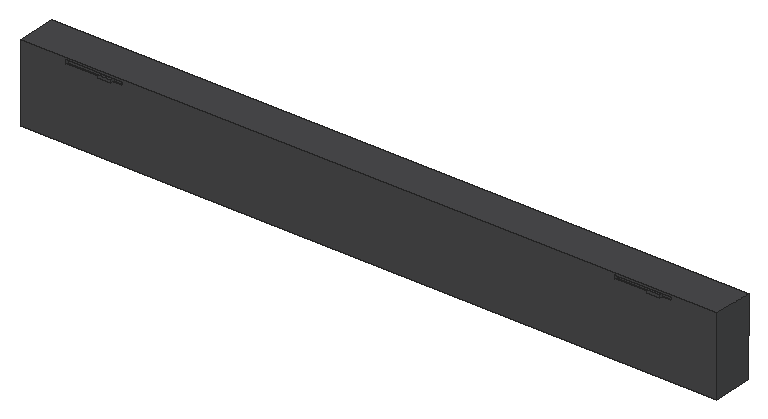
Revit family "STRIPE BLOCK CEILLING 646_DTSM30U6.2", category Luminarias, Revit 2019
Family settings
  Cota de conector redondo = Diámetro de uso
  Tipo de pieza = Normal
  Se basa en plano de trabajo = Sí
  Siempre vertical = Sí
  Corte con vacíos al cargar = No
  Origen de luz = Sí
  Compartido = No
  Punto de cálculo de habitación = No
Parameters (values of type "DOT BLOCK CEILLING 646_DTSM30U6.2")
  Ángulo de inclinación = 60.00°
  Ángulo de enfoque = 90.00°
  Ángulo de campo de foco = 90.00°
  Zone [instance] = ""
  Watt per fixture = 30
  Wattage = 30 W
  built-in parameter 1150107 = 2700 (stored number, unit not read)
  built-in parameter 1150110 = 1 (stored number, unit not read)
  built-in parameter 1150109 = 1 (stored number, unit not read)
  built-in parameter 1150112 = 1 (stored number, unit not read)
  built-in parameter 1150113 = 1 (stored number, unit not read)
  built-in parameter 1114218 = 1 (stored number, unit not read)
  Keynote = ""
  built-in parameter 1150137 = (empty or 0)
  built-in parameter 1150132 = (empty or 0)
  Modelo = "DTSM30U6.2"
  Lámpara = "2835SMD SAMSUNG"
  Light Source Symbol Length = 3048 mm
  built-in parameter 1150105 = 8225.2 (stored number, unit not read)
  built-in parameter 1150102 = (empty or 0)
  built-in parameter 1150106 = 82.252 (stored number, unit not read)
  Lumens = 2460 lm
  Color Filter = 16777215
  built-in parameter 1114217 = 1 (stored number, unit not read)
  built-in parameter 1150139 = (empty or 0)
  Fabricante = "BRILLANT"
  Default Elevation = 1219.2 mm
  built-in parameter 1150104 = 7.618 (stored number, unit not read)
  Descripción = "LUMINARIA DOWNLIGHT EN FORMATO RECTANGULAR PARA SOBREPONER DIRECTO EN TECHO, CUERPO DE ALUMINIO ACABADO EN COLOR NEGRO, IP 20, PESO 1.32Kg, TIPO DE LED 2835SMD SAMSUNG CON 30W TOTAL, 2200 LUMENES, 82LM/W, IRC 90, TEMPERATURA EN BLANCO CALIDO 2700K, 50 MIL HORAS DE VIDA PROMEDIO, APERTURA DE 90 GRADOS POR STOCK, ALIMENTADO A 90-240V"
  built-in parameter 1150115 = 1 (stored number, unit not read)
  built-in parameter 1150114 = 1 (stored number, unit not read)
  Comentarios de vataje = "90-240V"
  built-in parameter 1150138 = (empty or 0)
  built-in parameter 1150134 = (empty or 0)
  Circuit [instance] = ""
  Dimming Lamp Color Temperature Shift = (empty or 0)
  Longitud de símbolo de origen de luz = 3048 mm
Reference planes
  plane 1 "Centro (Frontal/Posterior)": y = 0
  plane 2: z = 0
  plane 3 "Centro (Izquierda/Derecha)": x = 0
Forms (mm)
  Extrusion 1, solid, material "Default Form", not visible
    sketch origin (0, 0, 0) x (1, 0, 0) y (0, 0, 1)
      loop
        line (-473, 0) -> (-473, -72) -> (473, -72) -> (473, 0) -> (-473, 0)
    from -18.326 to 18.326
  Blend 2, void, not visible
    base sketch origin (-293.63, 0, 0) x (1, 0, 0) y (0, 1, 0)
      loop
        line (-162, 16.149) -> (-162, -16.149) -> (-144.14, -16.149) -> (-144.14, 16.149) -> (-162, 16.149)
    top sketch origin (-293.63, 0, 0) x (1, 0, 0) y (0, 1, 0)
      loop
        line (-160, 12.149) -> (-160, -12.149) -> (-146.14, -12.149) -> (-146.14, 12.149) -> (-160, 12.149)
    from -72 to -61.591
  Blend 3, void, not visible
    base sketch origin (-267.33, 0, 0) x (1, 0, 0) y (0, 1, 0)
      loop
        line (-162, 16.149) -> (-162, -16.149) -> (-144.14, -16.149) -> (-144.14, 16.149) -> (-162, 16.149)
    top sketch origin (-267.33, 0, 0) x (1, 0, 0) y (0, 1, 0)
      loop
        line (-160, 12.149) -> (-160, -12.149) -> (-146.14, -12.149) -> (-146.14, 12.149) -> (-160, 12.149)
    from -72 to -61.591
  Blend 4, void, not visible
    base sketch origin (-241.03, 0, 0) x (1, 0, 0) y (0, 1, 0)
      loop
        line (-162, 16.149) -> (-162, -16.149) -> (-144.14, -16.149) -> (-144.14, 16.149) -> (-162, 16.149)
    top sketch origin (-241.03, 0, 0) x (1, 0, 0) y (0, 1, 0)
      loop
        line (-160, 12.149) -> (-160, -12.149) -> (-146.14, -12.149) -> (-146.14, 12.149) -> (-160, 12.149)
    from -72 to -61.591
  Blend 5, void, not visible
    base sketch origin (-214.73, 0, 0) x (1, 0, 0) y (0, 1, 0)
      loop
        line (-162, 16.149) -> (-162, -16.149) -> (-144.14, -16.149) -> (-144.14, 16.149) -> (-162, 16.149)
    top sketch origin (-214.73, 0, 0) x (1, 0, 0) y (0, 1, 0)
      loop
        line (-160, 12.149) -> (-160, -12.149) -> (-146.14, -12.149) -> (-146.14, 12.149) -> (-160, 12.149)
    from -72 to -61.591
  Blend 6, void, not visible
    base sketch origin (-188.43, 0, 0) x (1, 0, 0) y (0, 1, 0)
      loop
        line (-162, 16.149) -> (-162, -16.149) -> (-144.14, -16.149) -> (-144.14, 16.149) -> (-162, 16.149)
    top sketch origin (-188.43, 0, 0) x (1, 0, 0) y (0, 1, 0)
      loop
        line (-160, 12.149) -> (-160, -12.149) -> (-146.14, -12.149) -> (-146.14, 12.149) -> (-160, 12.149)
    from -72 to -61.591
  Blend 7, void, not visible
    base sketch origin (-162.13, 0, 0) x (1, 0, 0) y (0, 1, 0)
      loop
        line (-162, 16.149) -> (-162, -16.149) -> (-144.14, -16.149) -> (-144.14, 16.149) -> (-162, 16.149)
    top sketch origin (-162.13, 0, 0) x (1, 0, 0) y (0, 1, 0)
      loop
        line (-160, 12.149) -> (-160, -12.149) -> (-146.14, -12.149) -> (-146.14, 12.149) -> (-160, 12.149)
    from -72 to -61.591
  Blend 8, void, not visible
    base sketch origin (-135.83, 0, 0) x (1, 0, 0) y (0, 1, 0)
      loop
        line (-162, 16.149) -> (-162, -16.149) -> (-144.14, -16.149) -> (-144.14, 16.149) -> (-162, 16.149)
    top sketch origin (-135.83, 0, 0) x (1, 0, 0) y (0, 1, 0)
      loop
        line (-160, 12.149) -> (-160, -12.149) -> (-146.14, -12.149) -> (-146.14, 12.149) -> (-160, 12.149)
    from -72 to -61.591
  Blend 9, void, not visible
    base sketch origin (-109.53, 0, 0) x (1, 0, 0) y (0, 1, 0)
      loop
        line (-162, 16.149) -> (-162, -16.149) -> (-144.14, -16.149) -> (-144.14, 16.149) -> (-162, 16.149)
    top sketch origin (-109.53, 0, 0) x (1, 0, 0) y (0, 1, 0)
      loop
        line (-160, 12.149) -> (-160, -12.149) -> (-146.14, -12.149) -> (-146.14, 12.149) -> (-160, 12.149)
    from -72 to -61.591
  Blend 10, void, not visible
    base sketch origin (-83.23, 0, 0) x (1, 0, 0) y (0, 1, 0)
      loop
        line (-162, 16.149) -> (-162, -16.149) -> (-144.14, -16.149) -> (-144.14, 16.149) -> (-162, 16.149)
    top sketch origin (-83.23, 0, 0) x (1, 0, 0) y (0, 1, 0)
      loop
        line (-160, 12.149) -> (-160, -12.149) -> (-146.14, -12.149) -> (-146.14, 12.149) -> (-160, 12.149)
    from -72 to -61.591
  Blend 11, void, not visible
    base sketch origin (-56.93, 0, 0) x (1, 0, 0) y (0, 1, 0)
      loop
        line (-162, 16.149) -> (-162, -16.149) -> (-144.14, -16.149) -> (-144.14, 16.149) -> (-162, 16.149)
    top sketch origin (-56.93, 0, 0) x (1, 0, 0) y (0, 1, 0)
      loop
        line (-160, 12.149) -> (-160, -12.149) -> (-146.14, -12.149) -> (-146.14, 12.149) -> (-160, 12.149)
    from -72 to -61.591
  Blend 12, void, not visible
    base sketch origin (-30.63, 0, 0) x (1, 0, 0) y (0, 1, 0)
      loop
        line (-162, 16.149) -> (-162, -16.149) -> (-144.14, -16.149) -> (-144.14, 16.149) -> (-162, 16.149)
    top sketch origin (-30.63, 0, 0) x (1, 0, 0) y (0, 1, 0)
      loop
        line (-160, 12.149) -> (-160, -12.149) -> (-146.14, -12.149) -> (-146.14, 12.149) -> (-160, 12.149)
    from -72 to -61.591
  Blend 13, void, not visible
    base sketch origin (-4.33, 0, 0) x (1, 0, 0) y (0, 1, 0)
      loop
        line (-162, 16.149) -> (-162, -16.149) -> (-144.14, -16.149) -> (-144.14, 16.149) -> (-162, 16.149)
    top sketch origin (-4.33, 0, 0) x (1, 0, 0) y (0, 1, 0)
      loop
        line (-160, 12.149) -> (-160, -12.149) -> (-146.14, -12.149) -> (-146.14, 12.149) -> (-160, 12.149)
    from -72 to -61.591
  Blend 14, void, not visible
    base sketch origin (21.97, 0, 0) x (1, 0, 0) y (0, 1, 0)
      loop
        line (-162, 16.149) -> (-162, -16.149) -> (-144.14, -16.149) -> (-144.14, 16.149) -> (-162, 16.149)
    top sketch origin (21.97, 0, 0) x (1, 0, 0) y (0, 1, 0)
      loop
        line (-160, 12.149) -> (-160, -12.149) -> (-146.14, -12.149) -> (-146.14, 12.149) -> (-160, 12.149)
    from -72 to -61.591
  Blend 15, void, not visible
    base sketch origin (48.27, 0, 0) x (1, 0, 0) y (0, 1, 0)
      loop
        line (-162, 16.149) -> (-162, -16.149) -> (-144.14, -16.149) -> (-144.14, 16.149) -> (-162, 16.149)
    top sketch origin (48.27, 0, 0) x (1, 0, 0) y (0, 1, 0)
      loop
        line (-160, 12.149) -> (-160, -12.149) -> (-146.14, -12.149) -> (-146.14, 12.149) -> (-160, 12.149)
    from -72 to -61.591
  Blend 16, void, not visible
    base sketch origin (74.57, 0, 0) x (1, 0, 0) y (0, 1, 0)
      loop
        line (-162, 16.149) -> (-162, -16.149) -> (-144.14, -16.149) -> (-144.14, 16.149) -> (-162, 16.149)
    top sketch origin (74.57, 0, 0) x (1, 0, 0) y (0, 1, 0)
      loop
        line (-160, 12.149) -> (-160, -12.149) -> (-146.14, -12.149) -> (-146.14, 12.149) -> (-160, 12.149)
    from -72 to -61.591
  Blend 17, void, not visible
    base sketch origin (100.87, 0, 0) x (1, 0, 0) y (0, 1, 0)
      loop
        line (-162, 16.149) -> (-162, -16.149) -> (-144.14, -16.149) -> (-144.14, 16.149) -> (-162, 16.149)
    top sketch origin (100.87, 0, 0) x (1, 0, 0) y (0, 1, 0)
      loop
        line (-160, 12.149) -> (-160, -12.149) -> (-146.14, -12.149) -> (-146.14, 12.149) -> (-160, 12.149)
    from -72 to -61.591
  Blend 18, void, not visible
    base sketch origin (127.17, 0, 0) x (1, 0, 0) y (0, 1, 0)
      loop
        line (-162, 16.149) -> (-162, -16.149) -> (-144.14, -16.149) -> (-144.14, 16.149) -> (-162, 16.149)
    top sketch origin (127.17, 0, 0) x (1, 0, 0) y (0, 1, 0)
      loop
        line (-160, 12.149) -> (-160, -12.149) -> (-146.14, -12.149) -> (-146.14, 12.149) -> (-160, 12.149)
    from -72 to -61.591
  Blend 19, void, not visible
    base sketch origin (153.47, 0, 0) x (1, 0, 0) y (0, 1, 0)
      loop
        line (-162, 16.149) -> (-162, -16.149) -> (-144.14, -16.149) -> (-144.14, 16.149) -> (-162, 16.149)
    top sketch origin (153.47, 0, 0) x (1, 0, 0) y (0, 1, 0)
      loop
        line (-160, 12.149) -> (-160, -12.149) -> (-146.14, -12.149) -> (-146.14, 12.149) -> (-160, 12.149)
    from -72 to -61.591
  Blend 20, void, not visible
    base sketch origin (179.77, 0, 0) x (1, 0, 0) y (0, 1, 0)
      loop
        line (-162, 16.149) -> (-162, -16.149) -> (-144.14, -16.149) -> (-144.14, 16.149) -> (-162, 16.149)
    top sketch origin (179.77, 0, 0) x (1, 0, 0) y (0, 1, 0)
      loop
        line (-160, 12.149) -> (-160, -12.149) -> (-146.14, -12.149) -> (-146.14, 12.149) -> (-160, 12.149)
    from -72 to -61.591
  Blend 21, void, not visible
    base sketch origin (206.07, 0, 0) x (1, 0, 0) y (0, 1, 0)
      loop
        line (-162, 16.149) -> (-162, -16.149) -> (-144.14, -16.149) -> (-144.14, 16.149) -> (-162, 16.149)
    top sketch origin (206.07, 0, 0) x (1, 0, 0) y (0, 1, 0)
      loop
        line (-160, 12.149) -> (-160, -12.149) -> (-146.14, -12.149) -> (-146.14, 12.149) -> (-160, 12.149)
    from -72 to -61.591
  Blend 22, void, not visible
    base sketch origin (232.37, 0, 0) x (1, 0, 0) y (0, 1, 0)
      loop
        line (-162, 16.149) -> (-162, -16.149) -> (-144.14, -16.149) -> (-144.14, 16.149) -> (-162, 16.149)
    top sketch origin (232.37, 0, 0) x (1, 0, 0) y (0, 1, 0)
      loop
        line (-160, 12.149) -> (-160, -12.149) -> (-146.14, -12.149) -> (-146.14, 12.149) -> (-160, 12.149)
    from -72 to -61.591
  Blend 23, void, not visible
    base sketch origin (258.67, 0, 0) x (1, 0, 0) y (0, 1, 0)
      loop
        line (-162, 16.149) -> (-162, -16.149) -> (-144.14, -16.149) -> (-144.14, 16.149) -> (-162, 16.149)
    top sketch origin (258.67, 0, 0) x (1, 0, 0) y (0, 1, 0)
      loop
        line (-160, 12.149) -> (-160, -12.149) -> (-146.14, -12.149) -> (-146.14, 12.149) -> (-160, 12.149)
    from -72 to -61.591
  Blend 24, void, not visible
    base sketch origin (284.97, 0, 0) x (1, 0, 0) y (0, 1, 0)
      loop
        line (-162, 16.149) -> (-162, -16.149) -> (-144.14, -16.149) -> (-144.14, 16.149) -> (-162, 16.149)
    top sketch origin (284.97, 0, 0) x (1, 0, 0) y (0, 1, 0)
      loop
        line (-160, 12.149) -> (-160, -12.149) -> (-146.14, -12.149) -> (-146.14, 12.149) -> (-160, 12.149)
    from -72 to -61.591
  Blend 25, void, not visible
    base sketch origin (311.27, 0, 0) x (1, 0, 0) y (0, 1, 0)
      loop
        line (-162, 16.149) -> (-162, -16.149) -> (-144.14, -16.149) -> (-144.14, 16.149) -> (-162, 16.149)
    top sketch origin (311.27, 0, 0) x (1, 0, 0) y (0, 1, 0)
      loop
        line (-160, 12.149) -> (-160, -12.149) -> (-146.14, -12.149) -> (-146.14, 12.149) -> (-160, 12.149)
    from -72 to -61.591
  Blend 26, void, not visible
    base sketch origin (337.57, 0, 0) x (1, 0, 0) y (0, 1, 0)
      loop
        line (-162, 16.149) -> (-162, -16.149) -> (-144.14, -16.149) -> (-144.14, 16.149) -> (-162, 16.149)
    top sketch origin (337.57, 0, 0) x (1, 0, 0) y (0, 1, 0)
      loop
        line (-160, 12.149) -> (-160, -12.149) -> (-146.14, -12.149) -> (-146.14, 12.149) -> (-160, 12.149)
    from -72 to -61.591
  Blend 27, void, not visible
    base sketch origin (363.87, 0, 0) x (1, 0, 0) y (0, 1, 0)
      loop
        line (-162, 16.149) -> (-162, -16.149) -> (-144.14, -16.149) -> (-144.14, 16.149) -> (-162, 16.149)
    top sketch origin (363.87, 0, 0) x (1, 0, 0) y (0, 1, 0)
      loop
        line (-160, 12.149) -> (-160, -12.149) -> (-146.14, -12.149) -> (-146.14, 12.149) -> (-160, 12.149)
    from -72 to -61.591
  Blend 28, void, not visible
    base sketch origin (390.17, 0, 0) x (1, 0, 0) y (0, 1, 0)
      loop
        line (-162, 16.149) -> (-162, -16.149) -> (-144.14, -16.149) -> (-144.14, 16.149) -> (-162, 16.149)
    top sketch origin (390.17, 0, 0) x (1, 0, 0) y (0, 1, 0)
      loop
        line (-160, 12.149) -> (-160, -12.149) -> (-146.14, -12.149) -> (-146.14, 12.149) -> (-160, 12.149)
    from -72 to -61.591
  Blend 29, void, not visible
    base sketch origin (416.47, 0, 0) x (1, 0, 0) y (0, 1, 0)
      loop
        line (-162, 16.149) -> (-162, -16.149) -> (-144.14, -16.149) -> (-144.14, 16.149) -> (-162, 16.149)
    top sketch origin (416.47, 0, 0) x (1, 0, 0) y (0, 1, 0)
      loop
        line (-160, 12.149) -> (-160, -12.149) -> (-146.14, -12.149) -> (-146.14, 12.149) -> (-160, 12.149)
    from -72 to -61.591
  Blend 30, void, not visible
    base sketch origin (442.77, 0, 0) x (1, 0, 0) y (0, 1, 0)
      loop
        line (-162, 16.149) -> (-162, -16.149) -> (-144.14, -16.149) -> (-144.14, 16.149) -> (-162, 16.149)
    top sketch origin (442.77, 0, 0) x (1, 0, 0) y (0, 1, 0)
      loop
        line (-160, 12.149) -> (-160, -12.149) -> (-146.14, -12.149) -> (-146.14, 12.149) -> (-160, 12.149)
    from -72 to -61.591
  Blend 31, void, not visible
    base sketch origin (469.07, 0, 0) x (1, 0, 0) y (0, 1, 0)
      loop
        line (-162, 16.149) -> (-162, -16.149) -> (-144.14, -16.149) -> (-144.14, 16.149) -> (-162, 16.149)
    top sketch origin (469.07, 0, 0) x (1, 0, 0) y (0, 1, 0)
      loop
        line (-160, 12.149) -> (-160, -12.149) -> (-146.14, -12.149) -> (-146.14, 12.149) -> (-160, 12.149)
    from -72 to -61.591
  Blend 32, void, not visible
    base sketch origin (495.37, 0, 0) x (1, 0, 0) y (0, 1, 0)
      loop
        line (-162, 16.149) -> (-162, -16.149) -> (-144.14, -16.149) -> (-144.14, 16.149) -> (-162, 16.149)
    top sketch origin (495.37, 0, 0) x (1, 0, 0) y (0, 1, 0)
      loop
        line (-160, 12.149) -> (-160, -12.149) -> (-146.14, -12.149) -> (-146.14, 12.149) -> (-160, 12.149)
    from -72 to -61.591
  Blend 33, void, not visible
    base sketch origin (521.67, 0, 0) x (1, 0, 0) y (0, 1, 0)
      loop
        line (-162, 16.149) -> (-162, -16.149) -> (-144.14, -16.149) -> (-144.14, 16.149) -> (-162, 16.149)
    top sketch origin (521.67, 0, 0) x (1, 0, 0) y (0, 1, 0)
      loop
        line (-160, 12.149) -> (-160, -12.149) -> (-146.14, -12.149) -> (-146.14, 12.149) -> (-160, 12.149)
    from -72 to -61.591
  Blend 34, void, not visible
    base sketch origin (547.97, 0, 0) x (1, 0, 0) y (0, 1, 0)
      loop
        line (-162, 16.149) -> (-162, -16.149) -> (-144.14, -16.149) -> (-144.14, 16.149) -> (-162, 16.149)
    top sketch origin (547.97, 0, 0) x (1, 0, 0) y (0, 1, 0)
      loop
        line (-160, 12.149) -> (-160, -12.149) -> (-146.14, -12.149) -> (-146.14, 12.149) -> (-160, 12.149)
    from -72 to -61.591
  Blend 35, void, not visible
    base sketch origin (574.27, 0, 0) x (1, 0, 0) y (0, 1, 0)
      loop
        line (-162, 16.149) -> (-162, -16.149) -> (-144.14, -16.149) -> (-144.14, 16.149) -> (-162, 16.149)
    top sketch origin (574.27, 0, 0) x (1, 0, 0) y (0, 1, 0)
      loop
        line (-160, 12.149) -> (-160, -12.149) -> (-146.14, -12.149) -> (-146.14, 12.149) -> (-160, 12.149)
    from -72 to -61.591
  Blend 36, void, not visible
    base sketch origin (600.57, 0, 0) x (1, 0, 0) y (0, 1, 0)
      loop
        line (-162, 16.149) -> (-162, -16.149) -> (-144.14, -16.149) -> (-144.14, 16.149) -> (-162, 16.149)
    top sketch origin (600.57, 0, 0) x (1, 0, 0) y (0, 1, 0)
      loop
        line (-160, 12.149) -> (-160, -12.149) -> (-146.14, -12.149) -> (-146.14, 12.149) -> (-160, 12.149)
    from -72 to -61.591
  Extrusion 37, solid, not visible
    sketch origin (-463.861, 0, 3.217) x (0, -1, 0) y (0, 0, -1)
      loop
        line (18.326, 3.217) -> (-18.326, 3.217) -> (-18.326, 73.917) -> (-32.183, 73.917) -> (-32.183, 72.617) -> (-19.626, 72.617) -> (-19.626, 1.917) -> (19.626, 1.917) -> (19.626, 72.617) -> (32.183, 72.617) -> (32.183, 73.917) -> (18.326, 73.917) -> (18.326, 3.217)
    from 89.098 to 128.24
  Extrusion 38, solid, not visible
    sketch origin (-246.523, 0, 3.217) x (0, -1, 0) y (0, 0, 1)
      loop
        line (-19.626, -1.917) -> (19.626, -1.917) -> (19.626, -63.89) -> (20.426, -63.89) -> (20.426, -1.117) -> (-20.426, -1.117) -> (-20.426, -63.89) -> (-19.626, -63.89) -> (-19.626, -1.917)
    from 122.954 to 124.098
  Extrusion 39, solid, not visible
    sketch origin (-463.861, 0, 3.217) x (0, -1, 0) y (0, 0, -1)
      loop
        line (-19.626, 1.917) -> (-19.626, 63.89) -> (-20.426, 63.89) -> (-20.426, 1.117) -> (20.426, 1.117) -> (20.426, 63.89) -> (19.626, 63.89) -> (19.626, 1.917) -> (-19.626, 1.917)
    from 122.954 to 124.098
  Extrusion 40, void, not visible
    sketch origin (0, 0, 0) x (1, 0, 0) y (0, 1, 0)
      loop
        circle (-363.799, -25.904) r 2.055
      loop
        circle (-346.585, -25.904) r 2.055
      loop
        circle (-363.799, 25.904) r 2.055
      loop
        circle (-346.585, 25.904) r 2.055
    from -70.7 to -69.4
  Extrusion 41, solid, material "Default Form"
    sketch origin (0, 0, 72) x (1, 0, 0) y (0, 0, -1)
      loop
        line (-323, 0) -> (323, 0) -> (323, 72) -> (-323, 72) -> (-323, 0)
    from -18.326 to 18.326
  Extrusion 42, void
    sketch origin (-158.75, 0, 0) x (1, 0, 0) y (0, 1, 0)
      loop
        line (-122.17, -18.326) -> (-69.57, -18.326) -> (-69.57, -16.149) -> (-122.17, -16.149) -> (-122.17, -18.326)
      loop
        line (-122.17, 18.326) -> (-122.17, 16.149) -> (-69.57, 16.149) -> (-69.57, 18.326) -> (-122.17, 18.326)
    from 66.852 to 70.535
  Extrusion 43, solid, material "Default Form"
    sketch origin (125, 0, 0) x (1, 0, 0) y (0, 1, 0)
      loop
        line (146.935, -16.149) -> (145.601, -16.149) -> (145.601, -18.326) -> (135.101, -18.326) -> (135.101, -20.238) -> (146.935, -20.238) -> (146.935, -16.149)
      loop
        line (146.935, 16.149) -> (146.935, 20.238) -> (135.101, 20.238) -> (135.101, 18.326) -> (145.601, 18.326) -> (145.601, 16.149) -> (146.935, 16.149)
      loop
        line (-362.305, -16.149) -> (-363.639, -16.149) -> (-363.639, -18.326) -> (-374.139, -18.326) -> (-374.139, -20.238) -> (-362.305, -20.238) -> (-362.305, -16.149)
      loop
        line (-362.305, 16.149) -> (-362.305, 20.238) -> (-374.139, 20.238) -> (-374.139, 18.326) -> (-363.639, 18.326) -> (-363.639, 16.149) -> (-362.305, 16.149)
    from 67.466 to 69.773
  Extrusion 44, void
    sketch origin (158.75, 0, 0) x (-1, 0, 0) y (0, -1, 0)
      loop
        line (-122.17, 18.326) -> (-122.17, 16.149) -> (-69.57, 16.149) -> (-69.57, 18.326) -> (-122.17, 18.326)
      loop
        line (-122.17, -18.326) -> (-69.57, -18.326) -> (-69.57, -16.149) -> (-122.17, -16.149) -> (-122.17, -18.326)
    from 66.852 to 70.535
  Blend 45, void
    base sketch origin (-83.23, 130.851, 72) x (1, 0, 0) y (0, 1, 0)
      loop
        line (-234.14, -147) -> (402.173, -147) -> (402.173, -114.702) -> (-234.14, -114.702) -> (-234.14, -147)
    top sketch origin (-83.23, 130.851, 72) x (1, 0, 0) y (0, 1, 0)
      loop
        line (-229.559, -143) -> (397.692, -143) -> (397.692, -118.702) -> (-229.559, -118.702) -> (-229.559, -143)
    from -72 to -61.591
Cuts and joins
  Extrusion 42, Extrusion 44, Blend 45 cuts Extrusion 41
  Extrusion 44 cuts Extrusion 43
Dimensions and locks
  cut or joined group of Extrusion 41, Extrusion 42, Extrusion 44, Blend 45 to cut or joined group of Extrusion 41, Extrusion 42, Extrusion 44, Blend 45 = 72 mm  (x2)
  cut or joined group of Extrusion 41, Extrusion 42, Extrusion 44, Blend 45 to cut or joined group of Extrusion 41, Extrusion 42, Extrusion 44, Blend 45 = 36.651 mm
  cut or joined group of Extrusion 41, Extrusion 42, Extrusion 44, Blend 45 to cut or joined group of Extrusion 41, Extrusion 42, Extrusion 44, Blend 45 = 646 mm
  cut or joined group of Extrusion 41, Extrusion 42, Extrusion 44, Blend 45 to cut or joined group of Extrusion 41, Extrusion 42, Extrusion 44, Blend 45 = 42.08 mm  (x2)
  aligned and locked: level to plane 2
Connectors
  electrical at (0, 0, 72)
    settings: on cut or joined group of Extrusion 41, Extrusion 42, Extrusion 44, Blend 45, index 1, voltage 0 V, apparent load 0 VA, apparent load phase1 0 VA, apparent load phase2 0 VA, apparent load phase3 0 VA, power factor 1, load classification "Otro", number of poles 1, system type 31, power factor state 1, is connector primary yes, connector utility no, sub classification motor no, connector description ""
